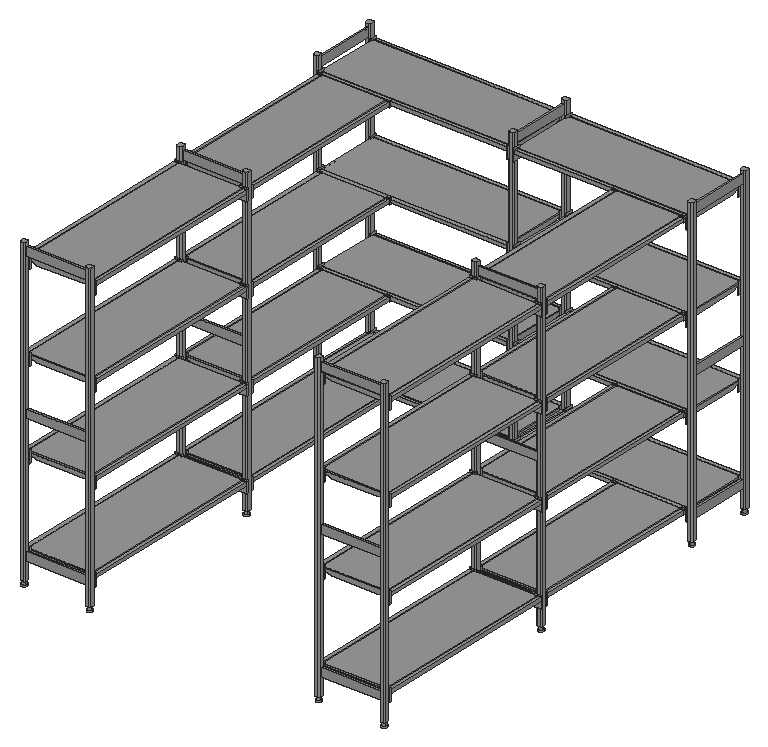
Revit family "QF_ELECTROLUXPROFESSIONAL_137098_CRS2024", category Attrezzature speciali, Revit 2020 (continued)
Definition of nested family "QF_886G"
  Dimensions and locks
    aligned and locked: plane 8 to Extrusion 1
    aligned and locked: Extrusion 1 sketch curve to Extrusion 1 sketch curve  (x2)
    aligned and locked: nested 1 to plane 18 "CXLeft"
    aligned and locked: nested 2 to plane 10
  Automatic sketch dimensions
    curve 2 to plane 4 "Left" = 0 mm
    curve 3 to plane 5 "Right" = 0 mm
    plane 7 to curve 1 = 0 mm
    plane 7 to curve 4 = 0 mm
    plane 7 to curve 5 = 0 mm
    plane 8 to curve 2 = 0 mm
    plane 8 to curve 1 = 0 mm
    plane 8 to curve 3 = 0 mm
    plane 21 "CYFront" to curve 5 = 1.5 mm
    plane 19 to curve 6 = 1.5 mm
    plane 7 to curve 3 = 4 mm
    plane 7 to curve 2 = 4 mm
    plane 12 to curve 4 = 4.493 mm
    curve 4 to plane 11 = 4.493 mm
    plane 5 "Right" to Extrusion 1 sketch curve = 0 mm  (x4)
    plane 4 "Left" to Extrusion 1 sketch curve = 0 mm  (x4)
    plane 21 "CYFront" to Extrusion 1 sketch curve = 1.5 mm  (x2)
    plane 19 to Extrusion 1 sketch curve = 1.5 mm  (x4)
    plane 14 to Extrusion 1 sketch curve = 7.998 mm  (x2)
    Extrusion 1 sketch curve to Extrusion 1 sketch curve = 17.997 mm  (x8)
    plane 15 to Extrusion 1 sketch curve = 7.998 mm  (x2)
    plane 16 to Extrusion 1 sketch curve = 7.998 mm  (x2)
    plane 17 to Extrusion 1 sketch curve = 7.998 mm  (x2)
    plane 21 "CYFront" to Extrusion 2 sketch curve = 3.5 mm  (x4)
    plane 19 to Extrusion 2 sketch curve = 3.493 mm  (x4)
    plane 14 to Extrusion 2 sketch curve = 19.496 mm
    Extrusion 2 sketch curve to Extrusion 2 sketch curve = 6.499 mm  (x4)
    plane 15 to Extrusion 2 sketch curve = 19.496 mm
    plane 16 to Extrusion 2 sketch curve = 19.496 mm
    plane 17 to Extrusion 2 sketch curve = 19.496 mm
  Nested families
    nested 1: "WT_Anta373B" at (-194.5, -132.5, 0) x (0, 1, 0) z (0, 0, 1), type "WT_Anta373B"
    nested 2: "WT_Aggancio373B" at (-194.5, 780.5, 0) x (0, 1, 0) z (0, 0, 1), type "WT_Aggancio373B"
  Definition of nested family "WT_Anta373B"
    Parameters
      WidthLeft = A + 64 mm  # 772 mm
      Width = 1606 mm
      Right = WidthLeft / 2  # 386 mm
      Default Elevation = 0 mm
      Left = -WidthLeft / 2  # -386 mm
      Height = 1590 mm
      FEET = 25 mm
      E = 0 mm
      Dint = Depth - 63 mm  # 310 mm
      Dext = Depth - 8 mm  # 365 mm
      Depth = 373 mm
      DX = (WidthLeft - A) / 2  # 32 mm
      B = 798 mm
      A = 708 mm
    Reference planes
      plane 1: z = 0
      plane 2 "LEFT": x = -417
      plane 3 "BACK": y = 23
      plane 4 "FRONT": y = -350
      plane 5 "TOP": z = 1590
      plane 6 "Center (Front/Back)": y = -163.5
      plane 7: y = -8.5
      plane 8: y = -318.5
      plane 9 "FEET": z = 25
      plane 10: z = 140
      plane 11: z = 590
      plane 12: z = 1040
      plane 13: z = 1490
      plane 14 "CXLeft": x = -403
      plane 15: y = 5.5
      plane 16 "CYBack": y = 5.5
      plane 17 "CYFront": y = -332.5
      plane 18: x = -385.031
      plane 19: x = -380.031
    Forms (mm)
      Extrusion 1, solid
        sketch origin (0, 0, 0) x (1, 0, 0) y (0, 1, 0)
          loop
            line (-417, 13.246) -> (-417, -2.246) -> (-410.746, -8.5) -> (-395.254, -8.5) -> (-389, -2.246) -> (-389, 13.246) -> (-395.254, 19.5) -> (-410.746, 19.5) -> (-417, 13.246)
        from 1590 to 25
      Extrusion 2, solid
        sketch origin (-417, 0, 0) x (0, 1, 0) y (0, 0, 1)
          loop
            line (23, 111.005) -> (23, 172.993) -> (-12.993, 172.993) -> (-12.993, 111.005) -> (23, 111.005)
          loop
            line (-350, 111.005) -> (-314.007, 111.005) -> (-314.007, 172.993) -> (-350, 172.993) -> (-350, 111.005)
          loop
            line (23, 561.005) -> (23, 622.993) -> (-12.993, 622.993) -> (-12.993, 561.005) -> (23, 561.005)
          loop
            line (-350, 561.005) -> (-314.007, 561.005) -> (-314.007, 622.993) -> (-350, 622.993) -> (-350, 561.005)
          loop
            line (23, 1011.005) -> (23, 1072.993) -> (-12.993, 1072.993) -> (-12.993, 1011.005) -> (23, 1011.005)
          loop
            line (-350, 1011.005) -> (-314.007, 1011.005) -> (-314.007, 1072.993) -> (-350, 1072.993) -> (-350, 1011.005)
          loop
            line (23, 1461.005) -> (23, 1522.993) -> (-12.993, 1522.993) -> (-12.993, 1461.005) -> (23, 1461.005)
          loop
            line (-350, 1461.005) -> (-314.007, 1461.005) -> (-314.007, 1522.993) -> (-350, 1522.993) -> (-350, 1461.005)
        from 28 to 32
      Revolve 3, solid
        sketch origin (-403, 0, 0) x (0, 1, 0) y (0, 0, 1)
          loop
            line (5.5, 25) -> (5.5, 0) -> (19, 0) -> (19, 5) -> (14, 5) -> (14, 25) -> (5.5, 25)
          axis (5.5, 25) -> (5.5, 0)
        angle from 0 to 360
      Extrusion 4, solid
        sketch origin (-403, 0, 0) x (0, 1, 0) y (0, 0, 1)
          loop
            line (-8.5, 777.382) -> (-8.5, 822.374) -> (-318.5, 822.374) -> (-318.5, 777.382) -> (-8.5, 777.382)
          loop
            line (-8.5, 1527.244) -> (-8.5, 1572.236) -> (-318.5, 1572.236) -> (-318.5, 1527.244) -> (-8.5, 1527.244)
        from -5 to 5
      Revolve 5, solid
        sketch origin (-403, -627, 0) x (0, -1, 0) y (0, 0, 1)
          loop
            line (-294.5, 25) -> (-294.5, 0) -> (-281, 0) -> (-281, 5) -> (-286, 5) -> (-286, 25) -> (-294.5, 25)
          axis (-294.5, 25) -> (-294.5, 0)
        angle from 0 to 360
      Extrusion 6, solid
        sketch origin (0, -627, 0) x (1, 0, 0) y (0, 1, 0)
          loop
            line (-417, 286.754) -> (-410.746, 280.5) -> (-395.254, 280.5) -> (-389, 286.754) -> (-389, 302.246) -> (-395.254, 308.5) -> (-410.746, 308.5) -> (-417, 302.246) -> (-417, 286.754)
        from 1590 to 25
      Extrusion 7, solid
        sketch origin (-417.031, -0.022, 0) x (0, 1, 0) y (0, 0, -1)
          loop
            line (-12, -1497.998) -> (-46, -1485.994) -> (-281, -1485.994) -> (-315, -1497.998) -> (-331, -1497.998) -> (-331, -1515.994) -> (-329, -1515.994) -> (-329, -1509.496) -> (2.007, -1509.496) -> (2.007, -1515.994) -> (4, -1515.994) -> (4, -1497.998) -> (-12, -1497.998)
          loop
            line (-12, -1047.998) -> (-46, -1035.994) -> (-281, -1035.994) -> (-315, -1047.998) -> (-331, -1047.998) -> (-331, -1065.994) -> (-329, -1065.994) -> (-329, -1059.496) -> (2.007, -1059.496) -> (2.007, -1065.994) -> (4, -1065.994) -> (4, -1047.998) -> (-12, -1047.998)
          loop
            line (-12, -597.998) -> (-46, -585.994) -> (-281, -585.994) -> (-315, -597.998) -> (-331, -597.998) -> (-331, -615.994) -> (-329, -615.994) -> (-329, -609.496) -> (2.007, -609.496) -> (2.007, -615.994) -> (4, -615.994) -> (4, -597.998) -> (-12, -597.998)
          loop
            line (-12, -147.998) -> (-46, -135.994) -> (-281, -135.994) -> (-315, -147.998) -> (-331, -147.998) -> (-331, -165.994) -> (-329, -165.994) -> (-329, -159.496) -> (2.007, -159.496) -> (2.007, -165.994) -> (4, -165.994) -> (4, -147.998) -> (-12, -147.998)
        from -32 to -37
      Extrusion 8, solid
        sketch origin (-403, 0, -659.878) x (0, 1, 0) y (0, 0, 1)
          loop
            line (-8.5, 777.382) -> (-8.5, 822.374) -> (-318.5, 822.374) -> (-318.5, 777.382) -> (-8.5, 777.382)
          loop
            line (-8.5, 1437.382) -> (-8.5, 1482.374) -> (-318.5, 1482.374) -> (-318.5, 1437.382) -> (-8.5, 1437.382)
          loop
            line (-8.5, 2187.382) -> (-8.5, 2232.374) -> (-318.5, 2232.374) -> (-318.5, 2187.382) -> (-8.5, 2187.382)
        from -5 to 5
    Lines and regions (mm)
      symbolic lines
        curve 1: line (-408, -8.5, 1590) -> (-408, -318.5, 1590)
        curve 2: line (-398, -318.5, 1590) -> (-398, -8.5, 1590)
        curve 3: line (-395.254, -8.5, 1590) -> (-410.746, -8.5, 1590)
        curve 4: line (-417, -2.246, 1590) -> (-410.746, -8.5, 1590)
        curve 5: line (-417, 13.246, 1590) -> (-417, -2.246, 1590)
        curve 6: line (-410.746, 19.5, 1590) -> (-417, 13.246, 1590)
        curve 7: line (-395.254, 19.5, 1590) -> (-410.746, 19.5, 1590)
        curve 8: line (-389, 13.246, 1590) -> (-395.254, 19.5, 1590)
        curve 9: line (-395.254, -8.5, 1590) -> (-389, -2.246, 1590)
        curve 10: line (-395.254, -318.5, 1590) -> (-410.746, -318.5, 1590)
        curve 11: line (-417, -324.754, 1590) -> (-410.746, -318.5, 1590)
        curve 12: line (-410.746, -346.5, 1590) -> (-417, -340.246, 1590)
        curve 13: line (-395.254, -346.5, 1590) -> (-410.746, -346.5, 1590)
        curve 14: line (-389, -340.246, 1590) -> (-395.254, -346.5, 1590)
        curve 15: line (-395.254, -318.5, 1590) -> (-389, -324.754, 1590)
        curve 16: line (-389, -350, 1590) -> (-389, -314.007, 1590)
        curve 17: line (-389, -314.007, 1590) -> (-385, -314.007, 1590)
        curve 18: line (-389, 23, 1590) -> (-389, -12.993, 1590)
        curve 19: line (-389, -12.993, 1590) -> (-385, -12.993, 1590)
        curve 20: line (-417, -324.754, 1590) -> (-417, -340.246, 1590)
        curve 21: line (-385, -350, 1590) -> (-385, -314.007, 1590)
        curve 22: line (-385, -350, 1590) -> (-389, -350, 1590)
        curve 23: line (-385, 23, 1590) -> (-389, 23, 1590)
        curve 24: line (-385, -12.993, 1590) -> (-385, 23, 1590)
        curve 25: line (-385.031, -13.016, 1725) -> (-385.031, -314.029, 1725)
    Dimensions and locks
      "Depth": plane 3 "BACK" to plane 4 "FRONT"
      "Dint": plane 7 to plane 8
      equal spacing: plane 7, plane 6 "Center (Front/Back)", plane 8
      equal spacing: plane 3 "BACK", plane 6 "Center (Front/Back)", plane 4 "FRONT"
      plane 9 "FEET" to level = 25 mm
      plane 10 to plane 9 "FEET" = 115 mm
      plane 11 to plane 10 = 450 mm
      plane 12 to plane 11 = 450 mm
      plane 13 to plane 12 = 450 mm
      locked: plane 2 "LEFT" to plane 14 "CXLeft" at 14
      locked: plane 3 "BACK" to plane 16 "CYBack" at 17.5
      locked: plane 17 "CYFront" to plane 4 "FRONT" at 17.5
      locked: Revolve 3 sketch curve to Revolve 3 sketch curve at 8.5
      locked: Revolve 3 sketch curve to plane 16 "CYBack" at 13.5
      locked: Revolve 5 sketch curve to Revolve 5 sketch curve at 8.5
      plane 10 to level = 140 mm
      plane 11 to level = 590 mm
      plane 12 to level = 1040 mm
      plane 13 to level = 1490 mm
      "Height": plane 5 "TOP" to level
      aligned and locked: level to plane 1
      aligned and locked: curve 20 to Extrusion 6
      aligned and locked: plane 5 "TOP" to Extrusion 1
      aligned and locked: plane 5 "TOP" to Extrusion 6
      aligned and locked: Extrusion 7 sketch curve to Extrusion 7 sketch curve  (x3)
    Automatic sketch dimensions
      curve 16 to plane 4 "FRONT" = 0 mm
      curve 11 to plane 8 = 0 mm
      curve 9 to plane 7 = 0 mm
      curve 5 to plane 2 "LEFT" = 0 mm
      curve 23 to plane 3 "BACK" = 0 mm
      plane 4 "FRONT" to curve 13 = 3.5 mm
      curve 20 to plane 17 "CYFront" = 7.746 mm
      curve 20 to plane 8 = 6.254 mm
      plane 8 to curve 16 = 4.493 mm
      curve 24 to plane 18 = 0.031 mm
      curve 24 to plane 7 = 4.493 mm
      plane 7 to curve 5 = 6.254 mm
      curve 5 to plane 15 = 7.746 mm
      curve 6 to plane 3 "BACK" = 3.5 mm
      curve 21 to plane 18 = 0.031 mm
      plane 18 to curve 23 = 3.969 mm
      plane 18 to curve 16 = 3.969 mm
      curve 18 to curve 8 = 6.254 mm
      curve 18 to curve 3 = 6.254 mm
      curve 16 to curve 13 = 6.254 mm
      curve 16 to curve 15 = 6.254 mm
      plane 2 "LEFT" to curve 10 = 6.254 mm
      plane 2 "LEFT" to curve 7 = 6.254 mm
      plane 2 "LEFT" to curve 12 = 6.254 mm
      plane 2 "LEFT" to curve 3 = 6.254 mm
      curve 14 to plane 17 "CYFront" = 7.746 mm
      curve 15 to plane 8 = 6.254 mm
      plane 7 to curve 9 = 6.254 mm
      curve 8 to plane 15 = 7.746 mm
      curve 3 to curve 2 = 2.746 mm
      curve 1 to curve 10 = 2.746 mm
      Extrusion 1 sketch curve to plane 2 "LEFT" = 0 mm
      Extrusion 1 sketch curve to plane 7 = 0 mm
      plane 2 "LEFT" to Extrusion 1 sketch curve = 6.254 mm  (x2)
      plane 14 "CXLeft" to Extrusion 1 sketch curve = 7.746 mm  (x2)
      Extrusion 1 sketch curve to plane 3 "BACK" = 3.5 mm
      plane 18 to Extrusion 1 sketch curve = 3.969 mm
      plane 7 to Extrusion 1 sketch curve = 6.254 mm  (x2)
      Extrusion 1 sketch curve to plane 15 = 7.746 mm  (x2)
      Extrusion 2 sketch curve to plane 4 "FRONT" = 0 mm  (x4)
      Extrusion 2 sketch curve to plane 3 "BACK" = 0 mm  (x4)
      plane 8 to Extrusion 2 sketch curve = 4.493 mm  (x4)
      Extrusion 2 sketch curve to plane 7 = 4.493 mm  (x4)
      Extrusion 2 sketch curve to plane 10 = 28.995 mm  (x2)
      plane 10 to Extrusion 2 sketch curve = 32.993 mm  (x2)
      Extrusion 2 sketch curve to plane 11 = 28.995 mm  (x2)
      plane 11 to Extrusion 2 sketch curve = 32.993 mm  (x2)
      Extrusion 2 sketch curve to plane 12 = 28.995 mm  (x2)
      plane 12 to Extrusion 2 sketch curve = 32.993 mm  (x2)
      Extrusion 2 sketch curve to plane 13 = 28.995 mm  (x2)
      plane 13 to Extrusion 2 sketch curve = 32.993 mm  (x2)
      Revolve 3 sketch curve to plane 9 "FEET" = 0 mm  (x2)
      Revolve 3 sketch curve to plane 15 = 0 mm  (x2)
      Revolve 3 sketch curve to level = 0 mm
      level to Revolve 3 sketch curve = 5 mm
      Revolve 3 sketch curve to Revolve 3 sketch curve = 11.655 mm
      Extrusion 4 sketch curve to plane 8 = 0 mm  (x2)
      Extrusion 4 sketch curve to plane 7 = 0 mm  (x2)
      plane 11 to Extrusion 4 sketch curve = 187.382 mm
      Extrusion 4 sketch curve to Extrusion 4 sketch curve = 44.992 mm
      plane 13 to Extrusion 4 sketch curve = 37.244 mm
      Extrusion 4 sketch curve to plane 5 "TOP" = 17.764 mm
      Revolve 5 sketch curve to plane 9 "FEET" = 0 mm  (x2)
      Revolve 5 sketch curve to plane 17 "CYFront" = 0 mm  (x2)
      Revolve 5 sketch curve to level = 0 mm
      Revolve 5 sketch curve to plane 4 "FRONT" = 4 mm
      Revolve 5 sketch curve to Revolve 5 sketch curve = 5 mm
      level to Revolve 5 sketch curve = 11.655 mm
      Extrusion 6 sketch curve to plane 2 "LEFT" = 0 mm
      Extrusion 6 sketch curve to plane 8 = 0 mm
      Extrusion 6 sketch curve to plane 2 "LEFT" = 6.254 mm  (x2)
      Extrusion 6 sketch curve to plane 14 "CXLeft" = 7.746 mm  (x2)
      Extrusion 6 sketch curve to plane 4 "FRONT" = 3.5 mm
      Extrusion 6 sketch curve to plane 18 = 3.969 mm
      plane 8 to Extrusion 6 sketch curve = 6.254 mm  (x2)
      plane 17 "CYFront" to Extrusion 6 sketch curve = 7.746 mm  (x2)
      plane 17 "CYFront" to Extrusion 7 sketch curve = 1.478 mm  (x4)
      Extrusion 7 sketch curve to Extrusion 7 sketch curve = 2 mm
      plane 8 to Extrusion 7 sketch curve = 3.478 mm  (x4)
      Extrusion 7 sketch curve to plane 10 = 4.006 mm
      Extrusion 7 sketch curve to Extrusion 7 sketch curve = 34 mm  (x4)
      Extrusion 7 sketch curve to plane 11 = 4.006 mm
      Extrusion 7 sketch curve to plane 12 = 4.006 mm
      Extrusion 7 sketch curve to plane 13 = 4.006 mm
      Extrusion 7 sketch curve to plane 7 = 37.522 mm  (x4)
      Extrusion 7 sketch curve to plane 7 = 3.522 mm  (x4)
      plane 15 to Extrusion 7 sketch curve = 3.516 mm  (x4)
      plane 15 to Extrusion 7 sketch curve = 1.522 mm  (x4)
      plane 13 to Extrusion 7 sketch curve = 7.998 mm  (x2)
      Extrusion 7 sketch curve to Extrusion 7 sketch curve = 11.498 mm
      Extrusion 7 sketch curve to Extrusion 7 sketch curve = 6.499 mm  (x5)
      plane 12 to Extrusion 7 sketch curve = 25.994 mm  (x2)
      plane 12 to Extrusion 7 sketch curve = 7.998 mm  (x2)
      plane 11 to Extrusion 7 sketch curve = 25.994 mm  (x2)
      plane 11 to Extrusion 7 sketch curve = 7.998 mm  (x2)
      plane 10 to Extrusion 7 sketch curve = 25.994 mm  (x2)
      plane 10 to Extrusion 7 sketch curve = 7.998 mm  (x2)
      curve 25 to plane 18 = 0 mm
      plane 8 to curve 25 = 4.471 mm
      curve 25 to plane 7 = 4.516 mm
      Extrusion 8 sketch curve to plane 8 = 0 mm  (x3)
      Extrusion 8 sketch curve to plane 7 = 0 mm  (x3)
      Extrusion 8 sketch curve to plane 10 = 22.496 mm
      plane 10 to Extrusion 8 sketch curve = 22.496 mm
      plane 11 to Extrusion 8 sketch curve = 187.504 mm
      Extrusion 8 sketch curve to Extrusion 8 sketch curve = 44.992 mm
      plane 13 to Extrusion 8 sketch curve = 37.504 mm
      Extrusion 8 sketch curve to plane 5 "TOP" = 17.504 mm
  Definition of nested family "WT_Aggancio373B"
    Parameters
      WidthLeft = A + 64 mm  # 772 mm
      Width = 1606 mm
      Right = WidthLeft / 2  # 386 mm
      Default Elevation = 0 mm
      Left = -WidthLeft / 2  # -386 mm
      Height = 1590 mm
      FEET = 25 mm
      E = 0 mm
      Dint = Depth - 63 mm  # 310 mm
      Dext = Depth - 8 mm  # 365 mm
      Depth = 373 mm
      DX = (WidthLeft - A) / 2  # 32 mm
      B = 798 mm
      A = 708 mm
    Reference planes
      plane 1: z = 0
      plane 2 "LEFT": x = -417
      plane 3 "BACK": y = 23
      plane 4 "FRONT": y = -350
      plane 5 "TOP": z = 1590
      plane 6 "Center (Front/Back)": y = -163.5
      plane 7: y = -8.5
      plane 8: y = -318.5
      plane 9 "FEET": z = 25
      plane 10: z = 140
      plane 11: z = 590
      plane 12: z = 1040
      plane 13: z = 1490
      plane 14: y = 5.5
      plane 15 "CYBack": y = 5.5
      plane 16 "CYFront": y = -332.5
    Forms (mm)
      Extrusion 1, solid
        sketch origin (-380, -0.022, 0) x (0, 1, 0) y (0, 0, 1)
          loop
            line (-12, 1497.998) -> (4, 1497.998) -> (4, 1515.994) -> (2.007, 1515.994) -> (2.007, 1509.496) -> (-329, 1509.496) -> (-329, 1515.994) -> (-331, 1515.994) -> (-331, 1497.998) -> (-315, 1497.998) -> (-281, 1485.994) -> (-46, 1485.994) -> (-12, 1497.998)
          loop
            line (-12, 1047.998) -> (4, 1047.998) -> (4, 1065.994) -> (2.007, 1065.994) -> (2.007, 1059.496) -> (-329, 1059.496) -> (-329, 1065.994) -> (-331, 1065.994) -> (-331, 1047.998) -> (-315, 1047.998) -> (-281, 1035.994) -> (-46, 1035.994) -> (-12, 1047.998)
          loop
            line (-12, 597.998) -> (4, 597.998) -> (4, 615.994) -> (2.007, 615.994) -> (2.007, 609.496) -> (-329, 609.496) -> (-329, 615.994) -> (-331, 615.994) -> (-331, 597.998) -> (-315, 597.998) -> (-281, 585.994) -> (-46, 585.994) -> (-12, 597.998)
          loop
            line (-12, 147.998) -> (4, 147.998) -> (4, 165.994) -> (2.007, 165.994) -> (2.007, 159.496) -> (-329, 159.496) -> (-329, 165.994) -> (-331, 165.994) -> (-331, 147.998) -> (-315, 147.998) -> (-281, 135.994) -> (-46, 135.994) -> (-12, 147.998)
        from -32 to -37
      Extrusion 2, solid
        sketch origin (-793.062, -324.754, 6.5) x (1, 0, 0) y (0, 0, 1)
          loop
            line (385.062, 1509.496) -> (385.062, 1512.496) -> (376.062, 1512.496) -> (376.062, 1485.994) -> (390.031, 1485.994) -> (390.031, 1491.496) -> (381.062, 1491.496) -> (381.062, 1509.496) -> (385.062, 1509.496)
          loop
            line (385.062, 1059.496) -> (385.062, 1062.496) -> (376.062, 1062.496) -> (376.062, 1035.994) -> (390.031, 1035.994) -> (390.031, 1041.496) -> (381.062, 1041.496) -> (381.062, 1059.496) -> (385.062, 1059.496)
          loop
            line (385.062, 609.496) -> (385.062, 612.496) -> (376.062, 612.496) -> (376.062, 585.994) -> (390.031, 585.994) -> (390.031, 591.496) -> (381.062, 591.496) -> (381.062, 609.496) -> (385.062, 609.496)
          loop
            line (385.062, 159.496) -> (385.062, 162.496) -> (376.062, 162.496) -> (376.062, 135.994) -> (390.031, 135.994) -> (390.031, 141.496) -> (381.062, 141.496) -> (381.062, 159.496) -> (385.062, 159.496)
        from 6.268 to 25.246
      Extrusion 3, solid
        sketch origin (-793.062, 32.754, 6.5) x (1, 0, 0) y (0, 0, 1)
          loop
            line (385.062, 1509.496) -> (385.062, 1512.496) -> (376.062, 1512.496) -> (376.062, 1485.994) -> (390.031, 1485.994) -> (390.031, 1491.496) -> (381.062, 1491.496) -> (381.062, 1509.496) -> (385.062, 1509.496)
          loop
            line (385.062, 1059.496) -> (385.062, 1062.496) -> (376.062, 1062.496) -> (376.062, 1035.994) -> (390.031, 1035.994) -> (390.031, 1041.496) -> (381.062, 1041.496) -> (381.062, 1059.496) -> (385.062, 1059.496)
          loop
            line (385.062, 609.496) -> (385.062, 612.496) -> (376.062, 612.496) -> (376.062, 585.994) -> (390.031, 585.994) -> (390.031, 591.496) -> (381.062, 591.496) -> (381.062, 609.496) -> (385.062, 609.496)
          loop
            line (385.062, 159.496) -> (385.062, 162.496) -> (376.062, 162.496) -> (376.062, 135.994) -> (390.031, 135.994) -> (390.031, 141.496) -> (381.062, 141.496) -> (381.062, 159.496) -> (385.062, 159.496)
        from 9.754 to 28.776
    Lines and regions (mm)
      symbolic lines
        curve 1: line (-412, -350, 0) -> (-408, -350, 0)
        curve 2: line (-412, -331.022, 0) -> (-412, -350, 0)
        curve 3: line (-408, -331.022, 0) -> (-412, -331.022, 0)
        curve 4: line (-408, -350, 0) -> (-408, -331.022, 0)
        curve 5: line (-412, 3.978, 0) -> (-408, 3.978, 0)
        curve 6: line (-412, 23, 0) -> (-412, 3.978, 0)
        curve 7: line (-408, 23, 0) -> (-412, 23, 0)
        curve 8: line (-408, 3.978, 0) -> (-408, 23, 0)
    Dimensions and locks
      "Height": plane 5 "TOP" to level
      "Depth": plane 3 "BACK" to plane 4 "FRONT"
      "Dint": plane 7 to plane 8
      equal spacing: plane 7, plane 6 "Center (Front/Back)", plane 8
      equal spacing: plane 3 "BACK", plane 6 "Center (Front/Back)", plane 4 "FRONT"
      plane 9 "FEET" to level = 25 mm
      plane 10 to plane 9 "FEET" = 115 mm
      locked: plane 11 to plane 10 at 450
      locked: plane 12 to plane 11 at 450
      locked: plane 13 to plane 12 at 450
      locked: plane 3 "BACK" to plane 15 "CYBack" at 17.5
      locked: plane 16 "CYFront" to plane 4 "FRONT" at 17.5
      aligned and locked: level to plane 1
      aligned and locked: Extrusion 1 sketch curve to Extrusion 1 sketch curve  (x3)
    Automatic sketch dimensions
      plane 16 "CYFront" to Extrusion 1 sketch curve = 1.478 mm  (x4)
      Extrusion 1 sketch curve to Extrusion 1 sketch curve = 2 mm
      plane 8 to Extrusion 1 sketch curve = 3.478 mm  (x4)
      Extrusion 1 sketch curve to plane 10 = 4.006 mm
      Extrusion 1 sketch curve to Extrusion 1 sketch curve = 34 mm  (x4)
      Extrusion 1 sketch curve to plane 11 = 4.006 mm
      Extrusion 1 sketch curve to plane 12 = 4.006 mm
      Extrusion 1 sketch curve to plane 13 = 4.006 mm
      Extrusion 1 sketch curve to plane 7 = 37.522 mm  (x4)
      Extrusion 1 sketch curve to plane 7 = 3.522 mm  (x4)
      plane 14 to Extrusion 1 sketch curve = 3.516 mm  (x4)
      plane 14 to Extrusion 1 sketch curve = 1.522 mm  (x4)
      plane 10 to Extrusion 1 sketch curve = 7.998 mm  (x2)
      Extrusion 1 sketch curve to Extrusion 1 sketch curve = 11.498 mm  (x4)
      Extrusion 1 sketch curve to Extrusion 1 sketch curve = 6.499 mm  (x8)
      plane 11 to Extrusion 1 sketch curve = 7.998 mm  (x2)
      plane 12 to Extrusion 1 sketch curve = 7.998 mm  (x2)
      plane 13 to Extrusion 1 sketch curve = 7.998 mm  (x2)
      plane 2 "LEFT" to Extrusion 2 sketch curve = 0 mm  (x4)
      plane 13 to Extrusion 2 sketch curve = 7.996 mm
      plane 11 to Extrusion 2 sketch curve = 7.996 mm
      Extrusion 2 sketch curve to Extrusion 2 sketch curve = 5 mm  (x4)
      plane 11 to Extrusion 2 sketch curve = 2.494 mm
      plane 10 to Extrusion 2 sketch curve = 28.996 mm
      Extrusion 2 sketch curve to Extrusion 2 sketch curve = 3 mm  (x4)
      plane 10 to Extrusion 2 sketch curve = 7.996 mm
      plane 10 to Extrusion 2 sketch curve = 2.494 mm
      Extrusion 2 sketch curve to Extrusion 2 sketch curve = 18 mm  (x3)
      plane 12 to Extrusion 2 sketch curve = 2.494 mm
      plane 12 to Extrusion 2 sketch curve = 7.996 mm
      plane 13 to Extrusion 2 sketch curve = 2.494 mm
      plane 2 "LEFT" to Extrusion 3 sketch curve = 0 mm  (x4)
      plane 13 to Extrusion 3 sketch curve = 7.996 mm
      plane 11 to Extrusion 3 sketch curve = 7.996 mm
      Extrusion 3 sketch curve to Extrusion 3 sketch curve = 5 mm  (x4)
      plane 11 to Extrusion 3 sketch curve = 2.494 mm
      plane 10 to Extrusion 3 sketch curve = 28.996 mm
      Extrusion 3 sketch curve to Extrusion 3 sketch curve = 3 mm  (x4)
      plane 10 to Extrusion 3 sketch curve = 7.996 mm
      plane 10 to Extrusion 3 sketch curve = 2.494 mm
      Extrusion 3 sketch curve to Extrusion 3 sketch curve = 18 mm  (x3)
      plane 12 to Extrusion 3 sketch curve = 2.494 mm
      plane 12 to Extrusion 3 sketch curve = 7.996 mm
      plane 13 to Extrusion 3 sketch curve = 2.494 mm
      plane 2 "LEFT" to curve 1 = 5 mm
      plane 2 "LEFT" to curve 7 = 5 mm
      curve 1 to plane 16 "CYFront" = 17.5 mm
      curve 3 to plane 8 = 12.522 mm
      plane 7 to curve 5 = 12.478 mm
      curve 7 to plane 14 = 17.5 mm
      curve 5 to curve 5 = 4 mm
      curve 1 to curve 4 = 4 mm
      Extrusion 2 sketch curve to Extrusion 2 sketch curve = 4 mm  (x4)
      Extrusion 2 sketch curve to Extrusion 2 sketch curve = 8.969 mm  (x4)
      Extrusion 3 sketch curve to Extrusion 3 sketch curve = 4 mm  (x4)
      Extrusion 3 sketch curve to Extrusion 3 sketch curve = 8.969 mm  (x4)
